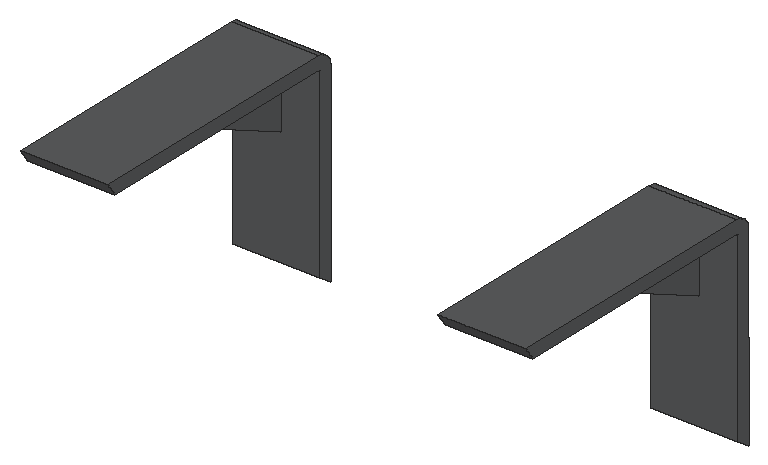
Revit family "Countertop-Supports_Centerline-Brackets_Front-Mounting-Plus-Bracket", category Casework, Revit 2026
Family settings
  Classification Number = 23.40.35.11
  Work Plane-Based = No
  Always vertical = Yes
  Cut with Voids When Loaded = No
  Shared = No
  Room Calculation Point = No
Parameters (values of type "Load Type Catalog!")
  Width [instance] = Span  # 14 1/2"
  URL = "https://www.countertopbracket.com"
  Span [instance] = if(Number of Brackets = 1, 2 1/2", (Bracket Spacing * (Number of Brackets - 1)) + 2 1/2")  # 14 1/2"
  Spacing [instance] = "Recommended placement on every stud."  # constant formula
  Product data url = "https://www.bimobject.com/centerline_brackets/product/front-mounting-plus-bracket"
  Product Material = Centerline Brackets - Steel - Powder Coated - Black (B)
  Placement Height [instance] = 36"
  No of Brackets Control [instance] = if(Number of Brackets < 2, 2, Number of Brackets)  # 2
  Number of Brackets [instance] = 2
  Model = "Front Mounting Plus Bracket"
  Manufacturer = "Centerline Brackets"  # constant formula
  Length = 8"
  Keynote = "12000"
  Height = 6"
  Finish Note = "When choosing an alternative finish, please remember to update the model number to reflect the chosen finish."  # constant formula
  Finish = "Available Powder Coat Finishes; White (W), Black (B), Bronze Bead Blasted Metallic (BB), Soft Silver (SS), Silver Vein Bonded (SV)"  # constant formula
  Description = "Front Mounting Plus Bracket"
  Depth = 2 1/2"  # constant formula
  Default Elevation = 0"
  Control [instance] = if(Number of Brackets < 2, 0", Bracket Spacing)  # 12"
  Bracket Spacing [instance] = 12"
  Assembly Code = "E2010200"
Reference planes (in)
  plane 1 "Center (Front/Back)": y = 0
  plane 2: z = 0
  plane 3 "Center (Left/Right)": x = 0
  plane 4: z = 36
  plane 5: z = 30
  plane 6: y = -8
  plane 7: x = 0
  plane 8: x = 14.5
  plane 9: x = 12
Dimensions and locks (in)
  "Placement Height": plane 4 to plane 2
  "Height": plane 4 to plane 5
  "Length": plane 1 "Center (Front/Back)" to plane 6
  "Control": plane 7 to plane 9
  "Span": plane 7 to plane 8
  group 1 to group 2 = 12"
  group 1 to group 2 = 0"  (x2)
  aligned and locked: plane 2 to level
  aligned and locked: plane 4 to nested 1  (x2)
  aligned and locked: plane 7 to plane 3 "Center (Left/Right)"
  aligned and locked: nested 1 to plane 7
  aligned and locked: plane 1 "Center (Front/Back)" to nested 1
  aligned and locked: nested 2 to plane 9
  aligned and locked: plane 1 "Center (Front/Back)" to nested 2
  aligned and locked: plane 4 to nested 2  (x2)
  aligned and locked: plane 7 to nested 1
  aligned and locked: plane 9 to nested 2
Nested families (in)
  nested 1: "FrontMountingPlus" at (1.25, 0, 30), type "Geometry"
  nested 2: "FrontMountingPlus" at (13.25, 0, 30), type "Geometry"
Definition of nested family "FrontMountingPlus"
  Parameters (values of type "FrontMountingPlus")
    URL = ""
    Product Material = none
    Manufacturer = ""
    Length = 8"
    Height = 6"
    Default Elevation = 0"
    A = if(Length = 8", 3.62", if(or(Length = 10", Length = 12"), 5.63", if(Length = 18", 7.36", if(or(Length = 22", Length = 24"), 3 3/4", 7.62"))))  # 3.62"
  Types (2): name | Length | Height | A
    FrontMountingPlus | 8" | 6" | 3.62"
    Geometry | 6" | 8" | 7.62"
  Reference planes (in)
    plane 1 "Center (Front/Back)": y = 0
    plane 2: z = 0
    plane 3 "Center (Left/Right)": x = 0
    plane 4: y = -8
    plane 5: z = 6
    plane 6: x = -0.5
    plane 7: x = 0.5
    plane 8: z = 0.81
    plane 9: z = 2.81
    plane 10: z = 4.81
    plane 11: x = -1.25
    plane 12: x = 1.25
  Forms (in)
    Extrusion 1, solid, material <- "Product Material"
      sketch origin (0, 0, 0) x (0, 1, 0) y (0, 0, 1)
        loop
          arc (-0.43965, 5.625) -> (-0.39394, 5.60606) -> (-0.375, 5.56035) r 0.06465
          line (-0.375, 5.56035) -> (-0.375, 0.26258) -> (0, 0) -> (0, 5.57205)
          arc (0, 5.57205) -> (-0.12534, 5.87466) -> (-0.42795, 6) r 0.42795
          line (-0.42795, 6) -> (-8, 6) -> (-7.73742, 5.625) -> (-0.43965, 5.625)
      from -1.25 to 1.25
    Extrusion 2, solid, material <- "Product Material"
      sketch origin (0, 0, 0) x (0, 1, 0) y (0, 0, 1)
        loop
          line (-0.375, 3.625) -> (-0.375, 4.875) -> (-1.125, 5.625) -> (-4.38, 5.625) -> (-4.38, 5.5) -> (-0.375, 3.625)
      from 0.125 to -0.125
  Lines and regions (in)
    Masking region 1
      outline origin (0, 0, 0) x (1, 0, 0) y (0, 1, 0)
        loop
          line (-1.25, 0) -> (-1.25, -8) -> (1.25, -8) -> (1.25, 0) -> (-1.25, 0)
    model lines, detail levels medium+fine
      curve 1: circle (0, -0.375, 0.81) r 0.255 normal (0, -1, 0)
      curve 2: circle (0, -0.375, 2.81) r 0.255 normal (0, -1, 0)
      curve 3: circle (-0.5, -0.375, 4.81) r 0.255 normal (0, -1, 0)
      curve 4: circle (0.5, -0.375, 4.81) r 0.255 normal (0, -1, 0)
  Dimensions and locks (in)
    "Length": plane 1 "Center (Front/Back)" to plane 4
    plane 1 "Center (Front/Back)" to Extrusion 1 sketch curve = 3/8"
    "Height": plane 5 to plane 2
    locked: plane 5 to Extrusion 1 sketch curve at 0.375
    locked: plane 5 to Extrusion 2 sketch curve at 0.375
    locked: plane 5 to Extrusion 2 sketch curve at 2.375
    plane 1 "Center (Front/Back)" to Extrusion 2 sketch curve to Extrusion 2 sketch curve = 3/8" locked, 3/4" locked
    "A": Extrusion 2 sketch curve to plane 4
    locked: plane 5 to Extrusion 2 sketch curve at 0.5
    equal spacing: plane 7, plane 3 "Center (Left/Right)", plane 6
    locked: plane 6 to plane 7 at 1
    locked: plane 8 to level at 0.81
    equal spacing: plane 10, plane 9, plane 8
    locked: plane 5 to plane 10 at 1.19
    locked: plane 2 to Extrusion 1 sketch curve (angle 35.00°)
    locked: Extrusion 1 sketch curve to plane 4 (angle 35.00°)
    aligned and locked: plane 2 to level
    aligned and locked: plane 4 to Extrusion 1 sketch curve
    aligned and locked: plane 5 to Extrusion 1 sketch curve
    aligned and locked: plane 1 "Center (Front/Back)" to Masking region 1 sketch curve
    aligned and locked: plane 4 to Masking region 1 sketch curve
    aligned and locked: plane 6 to curve 3
    aligned and locked: plane 7 to curve 4
    aligned and locked: plane 3 "Center (Left/Right)" to curve 1
    aligned and locked: plane 3 "Center (Left/Right)" to curve 2
    aligned and locked: plane 8 to curve 1
    aligned and locked: plane 9 to curve 2
    aligned and locked: plane 10 to curve 4
    aligned and locked: plane 10 to curve 3
  Automatic sketch dimensions
    Extrusion 1 sketch curve to plane 1 "Center (Front/Back)" = 0"
    Extrusion 1 sketch curve to level = 0"
    Extrusion 1 sketch curve to Extrusion 1 sketch curve = 0.06465"
    Extrusion 1 sketch curve to Extrusion 1 sketch curve = 0.0117"
    Masking region 1 sketch curve to plane 3 "Center (Left/Right)" = 1 1/4"
    plane 3 "Center (Left/Right)" to Masking region 1 sketch curve = 1 1/4"
    plane 10 to Extrusion 2 sketch curve = 0.065"
    radius of curve 1 = 0.255"
    radius of curve 2 = 0.255"
    radius of curve 3 = 0.255"
    radius of curve 4 = 0.255"
